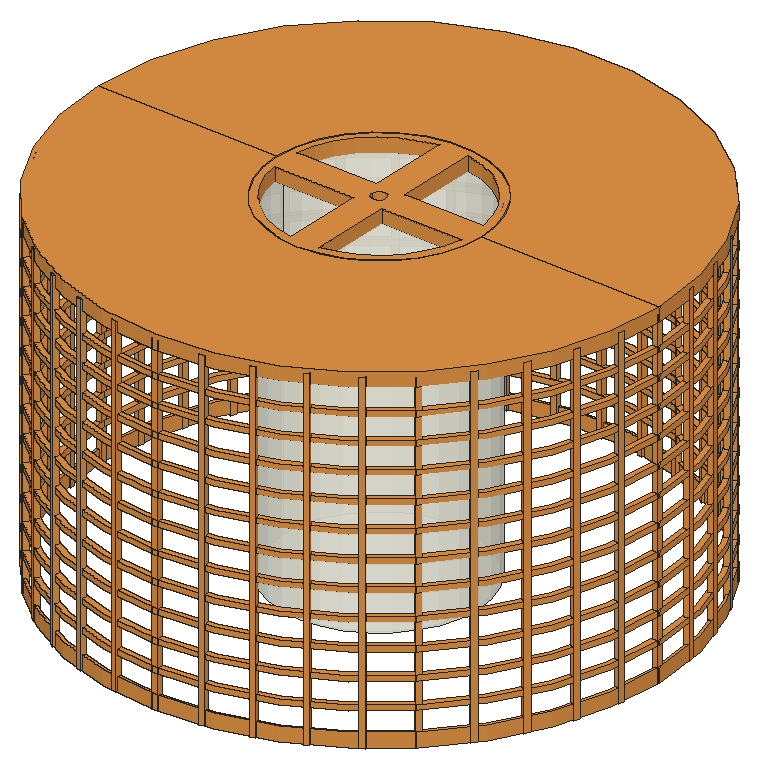
Revit family "SD2012", category Lighting Fixtures, Revit 2024
Family settings
  Round Connector Dimension = Use Diameter
  Part Type = Normal
  OmniClass Number = 23.80.70.00
  OmniClass Title = Lighting
  Work Plane-Based = No
  Always vertical = Yes
  Cut with Voids When Loaded = No
  Light Source = No
  Maintain Annotation Orientation = No
  Shared = No
  Room Calculation Point = No
Parameters
  Default Elevation = 0' - 0"
Reference planes (in)
  plane 1 "Light Source Axis (F/B)": y = 0
  plane 2: z = 0
  plane 3 "Light Source Axis (L/R)": x = 0
  plane 4 "Light Source Elevation": z = 54
Forms (in)
  Sweep 1, solid, material "FC", not visible
    path origin (75.968, 0, 0.00093) x (1, 0, 0) y (0, 0, 1)
      loop
        arc (-4.5864, 68.3252) -> (-8.91952, 61.72019) -> (-10.59309, 54) r 21.63816
    profile origin (67.04848, 0, 61.72112) x (0.922209, 0, -0.386691) y (0, -1, 0)
      loop
        circle (0, 0) r 0.03125
  Extrusion 2, solid, material "61", not visible
    sketch origin (21.22004, 0.07031, 3.70715) x (1, 0, 0) y (0, 1, 0)
      loop
        arc (0.70087, 4.42509) -> (0.0002, 4.48026) -> (-0.70003, 4.41981) r 4.27232
        line (-0.70003, 4.41981) -> (-0.65367, 4.12712)
        arc (-0.65367, 4.12712) -> (0, 4.17857) -> (0.65367, 4.12712) r 4.17857
        line (0.65367, 4.12712) -> (0.70087, 4.42509)
    from 66 to 73.80732
  Revolve 3, solid, material "79"
    sketch origin (0, 0, 0) x (1, 0, 0) y (0, 0, 1)
      loop
        line (10, 66) -> (3.64693, 66) -> (3.64693, 65.90625) -> (9.90625, 65.90625) -> (9.90625, 65.5) -> (10, 65.5) -> (10, 66)
      loop
        line (9.8125, 64.75) -> (9.8125, 64.5625) -> (10, 64.5625) -> (10, 64.75) -> (9.8125, 64.75)
      loop
        line (9.8125, 63.8125) -> (9.8125, 63.625) -> (10, 63.625) -> (10, 63.8125) -> (9.8125, 63.8125)
      loop
        line (9.8125, 62.875) -> (9.8125, 62.6875) -> (10, 62.6875) -> (10, 62.875) -> (9.8125, 62.875)
      loop
        line (9.8125, 61.9375) -> (9.8125, 61.75) -> (10, 61.75) -> (10, 61.9375) -> (9.8125, 61.9375)
      loop
        line (9.8125, 61) -> (9.8125, 60.8125) -> (10, 60.8125) -> (10, 61) -> (9.8125, 61)
      loop
        line (9.8125, 60.0625) -> (9.8125, 59.875) -> (10, 59.875) -> (10, 60.0625) -> (9.8125, 60.0625)
      loop
        line (9.8125, 59.125) -> (9.8125, 58.9375) -> (10, 58.9375) -> (10, 59.125) -> (9.8125, 59.125)
      loop
        line (9.8125, 58.1875) -> (9.8125, 58) -> (10, 58) -> (10, 58.1875) -> (9.8125, 58.1875)
      loop
        line (9.8125, 57.25) -> (9.8125, 57.0625) -> (10, 57.0625) -> (10, 57.25) -> (9.8125, 57.25)
      loop
        line (9.8125, 56.3125) -> (9.8125, 56.125) -> (10, 56.125) -> (10, 56.3125) -> (9.8125, 56.3125)
      loop
        line (9.8125, 55.375) -> (9.8125, 55.1875) -> (10, 55.1875) -> (10, 55.375) -> (9.8125, 55.375)
      loop
        line (9.90625, 54) -> (10, 54) -> (10, 54.5) -> (9.90625, 54.5) -> (9.90625, 54)
      axis (0, 66) -> (0, 54)
    angle from 0 to 360
  Revolve 4, solid, material "FC"
    sketch origin (0, 0, 0) x (1, 0, 0) y (0, 0, 1)
      loop
        line (3.5, 65.90625) -> (3.40625, 65.90625) -> (3.40625, 54) -> (3.5, 54) -> (3.5, 65.90625)
      axis (0, 65.90625) -> (0, 54)
    angle from 0 to 360
  Extrusion 5, solid, material "79"
    sketch origin (0, 0, 0) x (1, 0, 0) y (0, 0, 1)
      loop
        line (-0.09375, 65.83127) -> (-0.09375, 54) -> (0.09375, 54) -> (0.09375, 65.83127) -> (-0.09375, 65.83127)
    from 9.81262 to 9.99065
  Extrusion 6, solid, material "79"
    sketch origin (0, 0, 65.5) x (1, 0, 0) y (0, 1, 0)
      loop
        circle (0, 0) r 3.64693
      loop
        line (0.5, 3.32833) -> (0.5, 0.5) -> (3.32833, 0.5)
        arc (3.32833, 0.5) -> (2.3799, 2.3799) -> (0.5, 3.32833) r 3.36568
      loop
        line (0.5, -0.5) -> (0.5, -3.32833)
        arc (0.5, -3.32833) -> (2.3799, -2.3799) -> (3.32833, -0.5) r 3.36568
        line (3.32833, -0.5) -> (0.5, -0.5)
      loop
        arc (-0.5, 3.32833) -> (-2.3799, 2.3799) -> (-3.32833, 0.5) r 3.36568
        line (-3.32833, 0.5) -> (-0.5, 0.5) -> (-0.5, 3.32833)
      loop
        line (-0.5, -0.5) -> (-3.32833, -0.5)
        arc (-3.32833, -0.5) -> (-2.3799, -2.3799) -> (-0.5, -3.32833) r 3.36568
        line (-0.5, -3.32833) -> (-0.5, -0.5)
      loop
        circle (0, 0) r 0.25
    from 0 to 0.5
  Extrusion 7, solid, material "79"
    sketch origin (0, 0, 0) x (0.987688, -0.156434, 0) y (0, 0, 1)
      loop
        line (-0.09375, 65.83127) -> (-0.09375, 54) -> (0.09375, 54) -> (0.09375, 65.83127) -> (-0.09375, 65.83127)
    from 9.81262 to 9.99065
  Extrusion 8, solid, material "79"
    sketch origin (0, 0, 0) x (0.987688, 0.156434, 0) y (0, 0, 1)
      loop
        line (-0.09375, 65.83127) -> (-0.09375, 54) -> (0.09375, 54) -> (0.09375, 65.83127) -> (-0.09375, 65.83127)
    from 9.81262 to 9.99065
  Extrusion 9, solid, material "79"
    sketch origin (0, 0, 0) x (0.951057, 0.309017, 0) y (0, 0, 1)
      loop
        line (-0.09375, 65.83127) -> (-0.09375, 54) -> (0.09375, 54) -> (0.09375, 65.83127) -> (-0.09375, 65.83127)
    from 9.81262 to 9.99065
  Extrusion 10, solid, material "79"
    sketch origin (0, 0, 0) x (0.891007, 0.45399, 0) y (0, 0, 1)
      loop
        line (-0.09375, 65.83127) -> (-0.09375, 54) -> (0.09375, 54) -> (0.09375, 65.83127) -> (-0.09375, 65.83127)
    from 9.81262 to 9.99065
  Extrusion 11, solid, material "79"
    sketch origin (0, 0, 0) x (0.809017, 0.587785, 0) y (0, 0, 1)
      loop
        line (-0.09375, 65.83127) -> (-0.09375, 54) -> (0.09375, 54) -> (0.09375, 65.83127) -> (-0.09375, 65.83127)
    from 9.81262 to 9.99065
  Extrusion 12, solid, material "79"
    sketch origin (0, 0, 0) x (0.707107, 0.707107, 0) y (0, 0, 1)
      loop
        line (-0.09375, 65.83127) -> (-0.09375, 54) -> (0.09375, 54) -> (0.09375, 65.83127) -> (-0.09375, 65.83127)
    from 9.81262 to 9.99065
  Extrusion 13, solid, material "79"
    sketch origin (0, 0, 0) x (0.587785, 0.809017, 0) y (0, 0, 1)
      loop
        line (-0.09375, 65.83127) -> (-0.09375, 54) -> (0.09375, 54) -> (0.09375, 65.83127) -> (-0.09375, 65.83127)
    from 9.81262 to 9.99065
  Extrusion 14, solid, material "79"
    sketch origin (0, 0, 0) x (0.45399, 0.891007, 0) y (0, 0, 1)
      loop
        line (-0.09375, 65.83127) -> (-0.09375, 54) -> (0.09375, 54) -> (0.09375, 65.83127) -> (-0.09375, 65.83127)
    from 9.81262 to 9.99065
  Extrusion 15, solid, material "79"
    sketch origin (0, 0, 0) x (0.309017, 0.951057, 0) y (0, 0, 1)
      loop
        line (-0.09375, 65.83127) -> (-0.09375, 54) -> (0.09375, 54) -> (0.09375, 65.83127) -> (-0.09375, 65.83127)
    from 9.81262 to 9.99065
  Extrusion 16, solid, material "79"
    sketch origin (0, 0, 0) x (0.156434, 0.987688, 0) y (0, 0, 1)
      loop
        line (-0.09375, 65.83127) -> (-0.09375, 54) -> (0.09375, 54) -> (0.09375, 65.83127) -> (-0.09375, 65.83127)
    from 9.81262 to 9.99065
  Extrusion 17, solid, material "79"
    sketch origin (0, 0, 0) x (0, 1, 0) y (0, 0, 1)
      loop
        line (-0.09375, 65.83127) -> (-0.09375, 54) -> (0.09375, 54) -> (0.09375, 65.83127) -> (-0.09375, 65.83127)
    from 9.81262 to 9.99065
  Extrusion 18, solid, material "79"
    sketch origin (0, 0, 0) x (-0.156434, 0.987688, 0) y (0, 0, 1)
      loop
        line (-0.09375, 65.83127) -> (-0.09375, 54) -> (0.09375, 54) -> (0.09375, 65.83127) -> (-0.09375, 65.83127)
    from 9.81262 to 9.99065
  Extrusion 19, solid, material "79"
    sketch origin (0, 0, 0) x (-0.309017, 0.951057, 0) y (0, 0, 1)
      loop
        line (-0.09375, 65.83127) -> (-0.09375, 54) -> (0.09375, 54) -> (0.09375, 65.83127) -> (-0.09375, 65.83127)
    from 9.81262 to 9.99065
  Extrusion 20, solid, material "79"
    sketch origin (0, 0, 0) x (-0.45399, 0.891007, 0) y (0, 0, 1)
      loop
        line (-0.09375, 65.83127) -> (-0.09375, 54) -> (0.09375, 54) -> (0.09375, 65.83127) -> (-0.09375, 65.83127)
    from 9.81262 to 9.99065
  Extrusion 21, solid, material "79"
    sketch origin (0, 0, 0) x (-0.587785, 0.809017, 0) y (0, 0, 1)
      loop
        line (-0.09375, 65.83127) -> (-0.09375, 54) -> (0.09375, 54) -> (0.09375, 65.83127) -> (-0.09375, 65.83127)
    from 9.81262 to 9.99065
  Extrusion 22, solid, material "79"
    sketch origin (0, 0, 0) x (-0.707107, 0.707107, 0) y (0, 0, 1)
      loop
        line (-0.09375, 65.83127) -> (-0.09375, 54) -> (0.09375, 54) -> (0.09375, 65.83127) -> (-0.09375, 65.83127)
    from 9.81262 to 9.99065
  Extrusion 23, solid, material "79"
    sketch origin (0, 0, 0) x (-0.809017, 0.587785, 0) y (0, 0, 1)
      loop
        line (-0.09375, 65.83127) -> (-0.09375, 54) -> (0.09375, 54) -> (0.09375, 65.83127) -> (-0.09375, 65.83127)
    from 9.81262 to 9.99065
  Extrusion 24, solid, material "79"
    sketch origin (0, 0, 0) x (-0.891007, 0.45399, 0) y (0, 0, 1)
      loop
        line (-0.09375, 65.83127) -> (-0.09375, 54) -> (0.09375, 54) -> (0.09375, 65.83127) -> (-0.09375, 65.83127)
    from 9.81262 to 9.99065
  Extrusion 25, solid, material "79"
    sketch origin (0, 0, 0) x (-0.951057, 0.309017, 0) y (0, 0, 1)
      loop
        line (-0.09375, 65.83127) -> (-0.09375, 54) -> (0.09375, 54) -> (0.09375, 65.83127) -> (-0.09375, 65.83127)
    from 9.81262 to 9.99065
  Extrusion 26, solid, material "79"
    sketch origin (0, 0, 0) x (-0.987688, 0.156434, 0) y (0, 0, 1)
      loop
        line (-0.09375, 65.83127) -> (-0.09375, 54) -> (0.09375, 54) -> (0.09375, 65.83127) -> (-0.09375, 65.83127)
    from 9.81262 to 9.99065
  Extrusion 27, solid, material "79"
    sketch origin (0, 0, 0) x (-1, 0, 0) y (0, 0, 1)
      loop
        line (-0.09375, 65.83127) -> (-0.09375, 54) -> (0.09375, 54) -> (0.09375, 65.83127) -> (-0.09375, 65.83127)
    from 9.81262 to 9.99065
  Extrusion 28, solid, material "79"
    sketch origin (0, 0, 0) x (-0.987688, -0.156434, 0) y (0, 0, 1)
      loop
        line (-0.09375, 65.83127) -> (-0.09375, 54) -> (0.09375, 54) -> (0.09375, 65.83127) -> (-0.09375, 65.83127)
    from 9.81262 to 9.99065
  Extrusion 29, solid, material "79"
    sketch origin (0, 0, 0) x (-0.951057, -0.309017, 0) y (0, 0, 1)
      loop
        line (-0.09375, 65.83127) -> (-0.09375, 54) -> (0.09375, 54) -> (0.09375, 65.83127) -> (-0.09375, 65.83127)
    from 9.81262 to 9.99065
  Extrusion 30, solid, material "79"
    sketch origin (0, 0, 0) x (-0.891007, -0.45399, 0) y (0, 0, 1)
      loop
        line (-0.09375, 65.83127) -> (-0.09375, 54) -> (0.09375, 54) -> (0.09375, 65.83127) -> (-0.09375, 65.83127)
    from 9.81262 to 9.99065
  Extrusion 31, solid, material "79"
    sketch origin (0, 0, 0) x (-0.809017, -0.587785, 0) y (0, 0, 1)
      loop
        line (-0.09375, 65.83127) -> (-0.09375, 54) -> (0.09375, 54) -> (0.09375, 65.83127) -> (-0.09375, 65.83127)
    from 9.81262 to 9.99065
  Extrusion 32, solid, material "79"
    sketch origin (0, 0, 0) x (-0.707107, -0.707107, 0) y (0, 0, 1)
      loop
        line (-0.09375, 65.83127) -> (-0.09375, 54) -> (0.09375, 54) -> (0.09375, 65.83127) -> (-0.09375, 65.83127)
    from 9.81262 to 9.99065
  Extrusion 33, solid, material "79"
    sketch origin (0, 0, 0) x (-0.587785, -0.809017, 0) y (0, 0, 1)
      loop
        line (-0.09375, 65.83127) -> (-0.09375, 54) -> (0.09375, 54) -> (0.09375, 65.83127) -> (-0.09375, 65.83127)
    from 9.81262 to 9.99065
  Extrusion 34, solid, material "79"
    sketch origin (0, 0, 0) x (-0.45399, -0.891007, 0) y (0, 0, 1)
      loop
        line (-0.09375, 65.83127) -> (-0.09375, 54) -> (0.09375, 54) -> (0.09375, 65.83127) -> (-0.09375, 65.83127)
    from 9.81262 to 9.99065
  Extrusion 35, solid, material "79"
    sketch origin (0, 0, 0) x (-0.309017, -0.951057, 0) y (0, 0, 1)
      loop
        line (-0.09375, 65.83127) -> (-0.09375, 54) -> (0.09375, 54) -> (0.09375, 65.83127) -> (-0.09375, 65.83127)
    from 9.81262 to 9.99065
  Extrusion 36, solid, material "79"
    sketch origin (0, 0, 0) x (-0.156434, -0.987688, 0) y (0, 0, 1)
      loop
        line (-0.09375, 65.83127) -> (-0.09375, 54) -> (0.09375, 54) -> (0.09375, 65.83127) -> (-0.09375, 65.83127)
    from 9.81262 to 9.99065
  Extrusion 37, solid, material "79"
    sketch origin (0, 0, 0) x (0, -1, 0) y (0, 0, 1)
      loop
        line (-0.09375, 65.83127) -> (-0.09375, 54) -> (0.09375, 54) -> (0.09375, 65.83127) -> (-0.09375, 65.83127)
    from 9.81262 to 9.99065
  Extrusion 38, solid, material "79"
    sketch origin (0, 0, 0) x (0.156434, -0.987688, 0) y (0, 0, 1)
      loop
        line (-0.09375, 65.83127) -> (-0.09375, 54) -> (0.09375, 54) -> (0.09375, 65.83127) -> (-0.09375, 65.83127)
    from 9.81262 to 9.99065
  Extrusion 39, solid, material "79"
    sketch origin (0, 0, 0) x (0.309017, -0.951057, 0) y (0, 0, 1)
      loop
        line (-0.09375, 65.83127) -> (-0.09375, 54) -> (0.09375, 54) -> (0.09375, 65.83127) -> (-0.09375, 65.83127)
    from 9.81262 to 9.99065
  Extrusion 40, solid, material "79"
    sketch origin (0, 0, 0) x (0.45399, -0.891007, 0) y (0, 0, 1)
      loop
        line (-0.09375, 65.83127) -> (-0.09375, 54) -> (0.09375, 54) -> (0.09375, 65.83127) -> (-0.09375, 65.83127)
    from 9.81262 to 9.99065
  Extrusion 41, solid, material "79"
    sketch origin (0, 0, 0) x (0.587785, -0.809017, 0) y (0, 0, 1)
      loop
        line (-0.09375, 65.83127) -> (-0.09375, 54) -> (0.09375, 54) -> (0.09375, 65.83127) -> (-0.09375, 65.83127)
    from 9.81262 to 9.99065
  Extrusion 42, solid, material "79"
    sketch origin (0, 0, 0) x (0.707107, -0.707107, 0) y (0, 0, 1)
      loop
        line (-0.09375, 65.83127) -> (-0.09375, 54) -> (0.09375, 54) -> (0.09375, 65.83127) -> (-0.09375, 65.83127)
    from 9.81262 to 9.99065
  Extrusion 43, solid, material "79"
    sketch origin (0, 0, 0) x (0.809017, -0.587785, 0) y (0, 0, 1)
      loop
        line (-0.09375, 65.83127) -> (-0.09375, 54) -> (0.09375, 54) -> (0.09375, 65.83127) -> (-0.09375, 65.83127)
    from 9.81262 to 9.99065
  Extrusion 44, solid, material "79"
    sketch origin (0, 0, 0) x (0.891007, -0.45399, 0) y (0, 0, 1)
      loop
        line (-0.09375, 65.83127) -> (-0.09375, 54) -> (0.09375, 54) -> (0.09375, 65.83127) -> (-0.09375, 65.83127)
    from 9.81262 to 9.99065
  Extrusion 45, solid, material "79"
    sketch origin (0, 0, 0) x (0.951057, -0.309017, 0) y (0, 0, 1)
      loop
        line (-0.09375, 65.83127) -> (-0.09375, 54) -> (0.09375, 54) -> (0.09375, 65.83127) -> (-0.09375, 65.83127)
    from 9.81262 to 9.99065
Dimensions and locks (in)
  aligned and locked: level to plane 2
